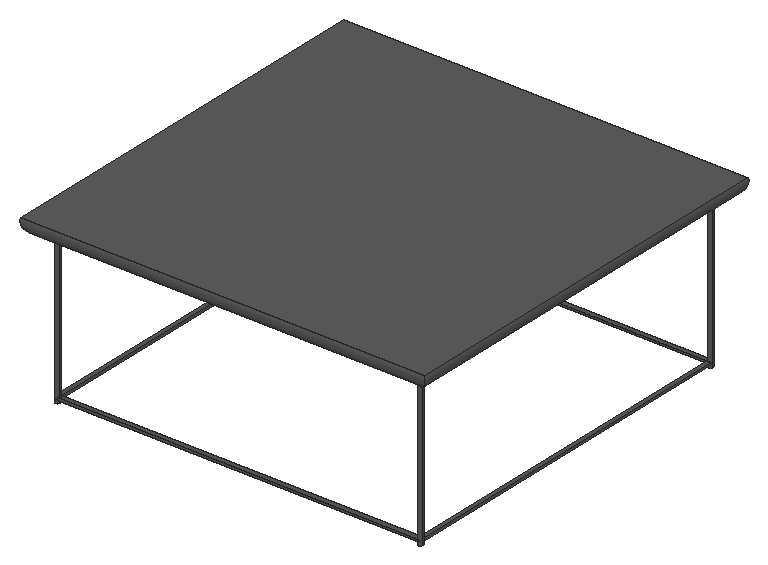
Revit family "Haworth_Torei_Table_Square", category Furniture, Revit 2018
Family settings
  OmniClass Number = 23.40.20.00
  OmniClass Title = General Furniture and Specialties
  Work Plane-Based = No
  Always vertical = Yes
  Cut with Voids When Loaded = No
  Shared = No
  Room Calculation Point = No
Parameters (values of type "HCCS-xxxx-TSW - 39d 39w 16h")
  Warranty = "http://www.haworth.com/resources/product-info/warranties"
  Version = "2"  # constant formula
  URL - Product = "https://www.haworth.com/na/en/products/side-occasional/torei.html"
  URL = "http://www.haworth.com/our-brands/haworth-collection"
  Table Finish [instance] = Haworth _ Wood _ Torei _ Ash Black
  Standard Width and Depth = "24, 39 Inches"  # constant formula
  Standard Heights = "9.1, 12.2, 16.1 Inches"  # constant formula
  Model = "HCCS-xxxx-TSW"  # constant formula
  Manufacturer = "Haworth"  # constant formula
  Description = "Haworth Torei Table Square"  # constant formula
  Custom = or(and([12.2in Height], [39in Square]), and([9.1in Height], [24in Square]))  # no
  Base Finish = Haworth _ Paint _ Collection Black
  Author = "SHAPE Environments, LLC"  # constant formula
  Assembly Code = "E2020200"
  Actual Width = if([24in Square], 24.0", 39.0")  # 39.0"
  Actual Height = if([16.1in Height], 16.1", if([12.2in Height], 12.2", 9.1"))  # 16.1"
  Actual Depth = Actual Width  # 39.0"
  9.1in Height = no
  39in Square = yes
  24in Square = not([39in Square])  # no
  16.1in Height = not(or([12.2in Height], [9.1in Height]))  # yes
  12.2in Height = no
Types (5): name | Actual Width | Actual Height | Actual Depth | 9.1in Height | 39in Square | 24in Square | 16.1in Height | 12.2in Height
  (no name) | 39.0" | 16.1" | 39.0" | no | yes | no | yes | no
  HCCS-xxxx-TSW - 24d 24w 12h | 24.0" | 12.2" | 24.0" | no | no | yes | no | yes
  HCCS-xxxx-TSW - 24d 24w 16h | 24.0" | 16.1" | 24.0" | no | no | yes | yes | no
  HCCS-xxxx-TSW - 39d 39w 09h | 39.0" | 9.1" | 39.0" | yes | yes | no | no | no
  HCCS-xxxx-TSW - 39d 39w 16h | 39.0" | 16.1" | 39.0" | no | yes | no | yes | no
Reference planes (in)
  plane 1 "Center Front/Back": y = 0
  plane 2: z = 0
  plane 3 "Center Left/Right": x = 0
  plane 4: y = 19.5
  plane 5: x = 19.5
  plane 6: y = -19.5
  plane 7: x = -19.5
  plane 8 "Top of Table": z = 16.1
  plane 9 "Center of Leg4": x = 17.532
  plane 10 "Center of Leg2": x = -17.532
  plane 11 "Center of Leg3": y = -17.5323
  plane 12 "Center of Leg": y = 17.5323
  plane 13 "bottom of horiz. leg": z = 0.3937
  plane 14 "Bottom of Table": z = 14.5252
  plane 15 "Leg Brace Top": z = 0.49215
  plane 16 "Leg Brace Bottom": z = 0.29525
  plane 17: x = 17.2958
  plane 18: x = 17.7682
  plane 19: x = -17.2958
  plane 20: x = -17.7682
  plane 21: y = -17.7685
  plane 22: y = -17.2961
  plane 23: y = 17.7685
  plane 24: y = 17.2961
Forms (in)
  Extrusion 1, solid, material "Haworth _ Paint _ Collection Black" <- "Base Finish"
    sketch origin (0, 0, 0) x (1, 0, 0) y (0, 1, 0)
      loop
        circle (-17.532, 17.5323) r 0.2362
    from 0 to 14.5252
  Extrusion 2, solid, material "Haworth _ Paint _ Collection Black" <- "Base Finish"
    sketch origin (0, 0, 0) x (1, 0, 0) y (0, 1, 0)
      loop
        circle (17.532, 17.5323) r 0.2362
    from 0 to 14.5252
  Extrusion 3, solid, material "Haworth _ Paint _ Collection Black" <- "Base Finish"
    sketch origin (0, 0, 0) x (1, 0, 0) y (0, 1, 0)
      loop
        circle (17.532, -17.5323) r 0.2362
    from 0 to 14.5252
  Extrusion 4, solid, material "Haworth _ Paint _ Collection Black" <- "Base Finish"
    sketch origin (0, 0, 0) x (1, 0, 0) y (0, 1, 0)
      loop
        circle (-17.532, -17.5323) r 0.2362
    from 0 to 14.5252
  Extrusion 5, solid, material "Haworth _ Paint _ Collection Black" <- "Base Finish"
    sketch origin (0.0183, 0, 0) x (1, 0, 0) y (0, 0, 1)
      loop
        line (-17.3141, 0.29525) -> (-17.3141, 0.49215) -> (-17.7865, 0.49215) -> (-17.7865, 0.29525) -> (-17.3141, 0.29525)
    from -17.5323 to 17.5323
  Extrusion 6, solid, material "Haworth _ Paint _ Collection Black" <- "Base Finish"
    sketch origin (0, 0, 0) x (1, 0, 0) y (0, 0, 1)
      loop
        line (17.7682, 0.29525) -> (17.7682, 0.49215) -> (17.2958, 0.49215) -> (17.2958, 0.29525) -> (17.7682, 0.29525)
    from -17.5323 to 17.5323
  Extrusion 7, solid, material "Haworth _ Paint _ Collection Black" <- "Base Finish"
    sketch origin (0, -3.7961, 0) x (0, 1, 0) y (0, 0, 1)
      loop
        line (21.5646, 0.29525) -> (21.5646, 0.49215) -> (21.0922, 0.49215) -> (21.0922, 0.29525) -> (21.5646, 0.29525)
    from -17.532 to 17.532
  Extrusion 8, solid, material "Haworth _ Paint _ Collection Black" <- "Base Finish"
    sketch origin (0, 0, 0) x (0, 1, 0) y (0, 0, 1)
      loop
        line (-17.2961, 0.29525) -> (-17.2961, 0.49215) -> (-17.7685, 0.49215) -> (-17.7685, 0.29525) -> (-17.2961, 0.29525)
    from -17.532 to 17.532
  Extrusion 9, solid, material "Haworth _ Wood _ Torei _ Ash Black" <- "Table Finish"
    sketch origin (0, 0, 0) x (1, 0, 0) y (0, 1, 0)
      loop
        line (-17.532, 17.5323) -> (-17.532, -17.5323) -> (17.532, -17.5323) -> (17.532, 17.5323) -> (-17.532, 17.5323)
    from 14.5252 to 16.1
  Sweep 10, solid, material "Haworth _ Wood _ Torei _ Ash Black" <- "Table Finish"
    path origin (0, 0, 16.1) x (-1, 0, 0) y (0, -1, 0)
      loop
        line (17.532, -17.5323) -> (17.532, 17.5323) -> (-17.532, 17.5323) -> (-17.532, -17.5323) -> (17.532, -17.5323)
    profile origin (0, 17.5323, 16.1) x (0, 1, 0) y (0, 0, 1)
      loop
        line (0, 0) -> (0, -1.5748) -> (0.7794, -1.5748)
        arc (0.7794, -1.5748) -> (1.7659, -1.08342) -> (1.968, 0) r 1.23596
        line (1.968, 0) -> (0, 0)
Cuts and joins
  joined: Extrusion 1, Extrusion 2, Extrusion 3, Extrusion 5
  joined: Extrusion 9, Sweep 10
Lines and regions (in)
  Masking region 1
    outline origin (0, 0, 16.1) x (-1, 0, 0) y (0, -1, 0)
      loop
        line (19.5, -19.5) -> (19.5, 19.5) -> (-19.5, 19.5) -> (-19.5, -19.5) -> (19.5, -19.5)
Dimensions and locks (in)
  "Actual Depth": plane 7 to plane 5
  "Actual Width": plane 4 to plane 6
  equal spacing: plane 7, plane 3 "Center Left/Right", plane 5
  equal spacing: plane 4, plane 1 "Center Front/Back", plane 6
  locked: plane 7 to plane 10 "Center of Leg2" at 1.968
  locked: plane 9 "Center of Leg4" to plane 5 at 1.968
  locked: plane 4 to plane 12 "Center of Leg" at 1.9677
  locked: plane 11 "Center of Leg3" to plane 6 at 1.9677
  plane 13 "bottom of horiz. leg" to level = 0.3937"
  locked: plane 8 "Top of Table" to plane 14 "Bottom of Table" at 1.5748
  plane 13 "bottom of horiz. leg" to plane 2 = 0.3937"
  "Actual Height": plane 8 "Top of Table" to level
  locked: plane 9 "Center of Leg4" to plane 17 at 0.2362
  locked: plane 18 to plane 9 "Center of Leg4" at 0.2362
  locked: plane 10 "Center of Leg2" to plane 20 at 0.2362
  locked: plane 19 to plane 10 "Center of Leg2" at 0.2362
  locked: plane 21 to plane 11 "Center of Leg3" at 0.2362
  locked: plane 11 "Center of Leg3" to plane 22 at 0.2362
  locked: plane 24 to plane 12 "Center of Leg" at 0.2362
  locked: plane 12 "Center of Leg" to plane 23 at 0.2362
  aligned and locked: level to plane 2
  aligned and locked: plane 8 "Top of Table" to Extrusion 9
  aligned and locked: Extrusion 9 to plane 14 "Bottom of Table"
  aligned and locked: Extrusion 9 to plane 11 "Center of Leg3"
  aligned and locked: plane 12 "Center of Leg" to Extrusion 9
  aligned and locked: plane 8 "Top of Table" to Sweep 10 sketch curve
  aligned and locked: plane 14 "Bottom of Table" to Sweep 10 sketch curve
  aligned and locked: plane 14 "Bottom of Table" to cut or joined group of Extrusion 1, Extrusion 2, Extrusion 3, Extrusion 5  (x3)
  aligned and locked: Masking region 1 sketch curve to plane 6
  aligned and locked: Masking region 1 sketch curve to plane 5
  aligned and locked: Masking region 1 sketch curve to plane 4
  aligned and locked: Masking region 1 sketch curve to plane 7
  aligned and locked: cut or joined group of Extrusion 1, Extrusion 2, Extrusion 3, Extrusion 5 to plane 11 "Center of Leg3"
  aligned and locked: Extrusion 6 to plane 12 "Center of Leg"
  aligned and locked: plane 11 "Center of Leg3" to Extrusion 6
  aligned and locked: plane 9 "Center of Leg4" to Extrusion 8
  aligned and locked: Extrusion 8 to plane 10 "Center of Leg2"
  aligned and locked: Extrusion 5 to plane 11 "Center of Leg3"
  aligned and locked: plane 9 "Center of Leg4" to Extrusion 7
  aligned and locked: Extrusion 7 to plane 10 "Center of Leg2"
  aligned and locked: plane 12 "Center of Leg" to Extrusion 5
  aligned and locked: plane 14 "Bottom of Table" to Extrusion 4
  aligned and locked: cut or joined group of Extrusion 1, Extrusion 2, Extrusion 3, Extrusion 5 to level  (x3)
  aligned and locked: Extrusion 4 to level
  aligned and locked: plane 16 "Leg Brace Bottom" to cut or joined group of Extrusion 1, Extrusion 2, Extrusion 3, Extrusion 5
  aligned and locked: plane 15 "Leg Brace Top" to cut or joined group of Extrusion 1, Extrusion 2, Extrusion 3, Extrusion 5
  aligned and locked: plane 15 "Leg Brace Top" to Extrusion 6
  aligned and locked: plane 16 "Leg Brace Bottom" to Extrusion 6
  aligned and locked: plane 16 "Leg Brace Bottom" to Extrusion 7
  aligned and locked: plane 16 "Leg Brace Bottom" to Extrusion 8
  aligned and locked: plane 15 "Leg Brace Top" to Extrusion 7
  aligned and locked: plane 15 "Leg Brace Top" to Extrusion 8
  aligned and locked: Extrusion 5 to plane 19
  aligned and locked: Extrusion 5 to plane 20
  aligned and locked: Extrusion 6 to plane 17
  aligned and locked: Extrusion 6 to plane 18
  aligned and locked: Extrusion 8 to plane 21
  aligned and locked: Extrusion 7 to plane 24
  aligned and locked: Extrusion 7 to plane 23
  aligned and locked: Extrusion 8 to plane 22
  aligned and locked: plane 18 to Extrusion 3 sketch curve
  aligned and locked: plane 17 to Extrusion 3 sketch curve
  aligned and locked: plane 20 to Extrusion 1 sketch curve
  aligned and locked: plane 12 "Center of Leg" to Extrusion 1 sketch curve  (x2)
  aligned and locked: plane 19 to Extrusion 1 sketch curve
  aligned and locked: plane 17 to Extrusion 2 sketch curve
  aligned and locked: Extrusion 2 sketch curve to plane 12 "Center of Leg"  (x2)
  aligned and locked: plane 18 to Extrusion 2 sketch curve
  aligned and locked: plane 20 to Extrusion 4 sketch curve
  aligned and locked: plane 11 "Center of Leg3" to Extrusion 4 sketch curve  (x2)
  aligned and locked: plane 19 to Extrusion 4 sketch curve
Automatic sketch dimensions
  Extrusion 9 sketch curve to plane 10 "Center of Leg2" = 0.0"
  plane 11 "Center of Leg3" to Extrusion 9 sketch curve = 0.0"
  Extrusion 9 sketch curve to plane 9 "Center of Leg4" = 0.0"
  Extrusion 9 sketch curve to plane 12 "Center of Leg" = 0.0"
  Sweep 10 sketch curve to profile plane = 0.0"
  Sweep 10 sketch curve to profile plane = 0.7794"
  Sweep 10 sketch curve to plane 9 "Center of Leg4" = 0.0"
  Sweep 10 sketch curve to plane 10 "Center of Leg2" = 0.0"
  Sweep 10 sketch curve to plane 12 "Center of Leg" = 0.0"
  Sweep 10 sketch curve to plane 11 "Center of Leg3" = 0.0"
  Sweep 10 sketch curve to profile plane = 1.968"
  plane 13 "bottom of horiz. leg" to Extrusion 6 sketch curve = 0.09845"
  Extrusion 6 sketch curve to plane 9 "Center of Leg4" = 0.2362"
  plane 9 "Center of Leg4" to Extrusion 6 sketch curve = 0.2362"
  Extrusion 6 sketch curve to plane 13 "bottom of horiz. leg" = 0.09845"
  Extrusion 7 sketch curve to plane 13 "bottom of horiz. leg" = 0.09845"
  Extrusion 7 sketch curve to plane 12 "Center of Leg" = 0.2362"
  plane 12 "Center of Leg" to Extrusion 7 sketch curve = 0.2362"
  plane 13 "bottom of horiz. leg" to Extrusion 7 sketch curve = 0.09845"
  plane 13 "bottom of horiz. leg" to Extrusion 5 sketch curve = 0.09845"
  Extrusion 5 sketch curve to plane 13 "bottom of horiz. leg" = 0.09845"
  plane 10 "Center of Leg2" to Extrusion 5 sketch curve = 0.2362"
  Extrusion 5 sketch curve to plane 10 "Center of Leg2" = 0.2362"
  Extrusion 8 sketch curve to plane 13 "bottom of horiz. leg" = 0.09845"
  Extrusion 8 sketch curve to plane 11 "Center of Leg3" = 0.2362"
  plane 11 "Center of Leg3" to Extrusion 8 sketch curve = 0.2362"
  plane 13 "bottom of horiz. leg" to Extrusion 8 sketch curve = 0.09845"
  Extrusion 3 sketch curve to plane 11 "Center of Leg3" = 0.0"
